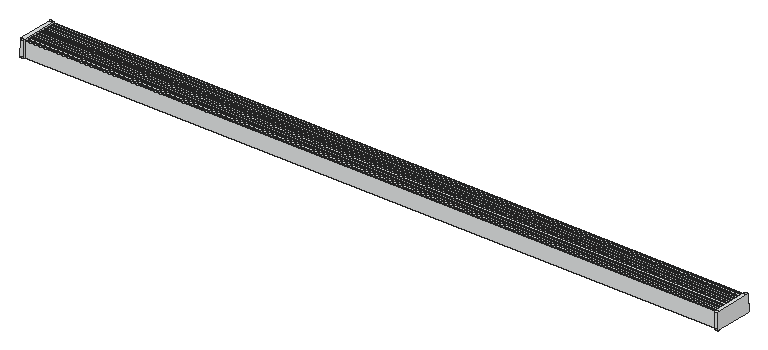
Revit family "Shower-Drain_Cover-KOHLER-Linear-K-80654_1", category Specialty Equipment, host Face, Revit 2017 (continued)
Definition of nested family "K-80654"
  Lines and regions (in)
    symbolic lines, detail levels medium+fine
      curve 1290: line (-3.01989, 0.53, 0) -> (-2.36491, 0.53, 0)
      curve 1291: line (-2.36491, 0.43, 0) -> (-2.36491, 0.29, 0)
      curve 1292: line (-3.01989, 0.53, 0) -> (-3.01989, 0.67, 0)
      curve 1293: line (-3.01989, 0.29, 0) -> (-3.01989, 0.43, 0)
      curve 1294: line (-2.36491, 0.19, 0) -> (-2.36491, 0.05, 0)
      curve 1295: line (-3.01989, 0.29, 0) -> (-2.36491, 0.29, 0)
      curve 1296: line (-3.01989, 0.43, 0) -> (-2.36491, 0.43, 0)
      curve 1297: line (-3.01989, 0.19, 0) -> (-2.36491, 0.19, 0)
      curve 1298: line (-3.01989, 0.05, 0) -> (-2.36491, 0.05, 0)
      curve 1299: line (-3.01989, -0.05, 0) -> (-3.01989, -0.19, 0)
      curve 1300: line (-2.46403, -1.15, 0) -> (-2.92162, -1.15, 0)
      curve 1301: line (-2.36491, -1.05088, 0) -> (-2.36491, -1.01, 0)
      curve 1302: arc (-2.36491, -1.05088, 0) -> (-2.39394, -1.12097, 0) -> (-2.46403, -1.15, 0) r 0.09912
      curve 1303: line (-2.36491, -0.91, 0) -> (-3.01989, -0.91, 0)
      curve 1304: line (-3.01989, -1.01, 0) -> (-2.36491, -1.01, 0)
      curve 1305: line (-2.36491, -0.91, 0) -> (-2.36491, -0.77, 0)
      curve 1306: line (-2.36491, -0.67, 0) -> (-2.36491, -0.53, 0)
      curve 1307: line (-3.01989, -0.77, 0) -> (-2.36491, -0.77, 0)
      curve 1308: line (-3.01989, -0.77, 0) -> (-3.01989, -0.91, 0)
      curve 1309: line (-3.01989, -0.67, 0) -> (-2.36491, -0.67, 0)
      curve 1310: line (-3.01989, -0.53, 0) -> (-2.36491, -0.53, 0)
      curve 1311: line (-2.36491, -0.43, 0) -> (-2.36491, -0.29, 0)
      curve 1312: line (-3.01989, -0.53, 0) -> (-3.01989, -0.67, 0)
      curve 1313: line (-3.01989, -0.29, 0) -> (-3.01989, -0.43, 0)
      curve 1314: line (-2.36491, -0.19, 0) -> (-2.36491, -0.05, 0)
      curve 1315: line (-3.01989, -0.29, 0) -> (-2.36491, -0.29, 0)
      curve 1316: line (-3.01989, -0.43, 0) -> (-2.36491, -0.43, 0)
      curve 1317: line (-3.01989, -0.19, 0) -> (-2.36491, -0.19, 0)
      curve 1318: line (-3.01989, -0.05, 0) -> (-2.36491, -0.05, 0)
      curve 1319: line (-3.01989, -1.01, 0) -> (-3.01989, -1.05173, 0)
      curve 1320: arc (-3.01989, -1.05173, 0) -> (-2.99111, -1.12122, 0) -> (-2.92162, -1.15, 0) r 0.09827
      curve 1321: line (-3.01989, 1.01, 0) -> (-3.01989, 1.05324, 0)
      curve 1322: arc (-3.01989, 1.05324, 0) -> (-2.99155, 1.12166, 0) -> (-2.92313, 1.15, 0) r 0.09676
      curve 1323: line (-2.25124, 0.05, 0) -> (-2.25124, 0.19, 0)
      curve 1324: line (-1.69537, 1.15, 0) -> (-2.15448, 1.15, 0)
      curve 1325: line (-1.59625, 1.05088, 0) -> (-1.59625, 1.01, 0)
      curve 1326: arc (-1.59625, 1.05088, 0) -> (-1.62528, 1.12097, 0) -> (-1.69537, 1.15, 0) r 0.09912
      curve 1327: line (-1.59625, 0.91, 0) -> (-2.25124, 0.91, 0)
      curve 1328: line (-2.25124, 1.01, 0) -> (-1.59625, 1.01, 0)
      curve 1329: line (-1.59625, 0.91, 0) -> (-1.59625, 0.77, 0)
      curve 1330: line (-1.59625, 0.67, 0) -> (-1.59625, 0.53, 0)
      curve 1331: line (-2.25124, 0.77, 0) -> (-1.59625, 0.77, 0)
      curve 1332: line (-2.25124, 0.77, 0) -> (-2.25124, 0.91, 0)
      curve 1333: line (-2.25124, 0.67, 0) -> (-1.59625, 0.67, 0)
      curve 1334: line (-2.25124, 0.53, 0) -> (-1.59625, 0.53, 0)
      curve 1335: line (-1.59625, 0.43, 0) -> (-1.59625, 0.29, 0)
      curve 1336: line (-2.25124, 0.53, 0) -> (-2.25124, 0.67, 0)
      curve 1337: line (-2.25124, 0.29, 0) -> (-2.25124, 0.43, 0)
      curve 1338: line (-1.59625, 0.19, 0) -> (-1.59625, 0.05, 0)
      curve 1339: line (-2.25124, 0.29, 0) -> (-1.59625, 0.29, 0)
      curve 1340: line (-2.25124, 0.43, 0) -> (-1.59625, 0.43, 0)
      curve 1341: line (-2.25124, 0.19, 0) -> (-1.59625, 0.19, 0)
      curve 1342: line (-2.25124, 0.05, 0) -> (-1.59625, 0.05, 0)
      curve 1343: line (-2.25124, -0.05, 0) -> (-2.25124, -0.19, 0)
      curve 1344: line (-1.69537, -1.15, 0) -> (-2.15297, -1.15, 0)
      curve 1345: line (-1.59625, -1.05088, 0) -> (-1.59625, -1.01, 0)
      curve 1346: arc (-1.59625, -1.05088, 0) -> (-1.62528, -1.12097, 0) -> (-1.69537, -1.15, 0) r 0.09912
      curve 1347: line (-1.59625, -0.91, 0) -> (-2.25124, -0.91, 0)
      curve 1348: line (-2.25124, -1.01, 0) -> (-1.59625, -1.01, 0)
      curve 1349: line (-1.59625, -0.91, 0) -> (-1.59625, -0.77, 0)
      curve 1350: line (-1.59625, -0.67, 0) -> (-1.59625, -0.53, 0)
      curve 1351: line (-2.25124, -0.77, 0) -> (-1.59625, -0.77, 0)
      curve 1352: line (-2.25124, -0.77, 0) -> (-2.25124, -0.91, 0)
      curve 1353: line (-2.25124, -0.67, 0) -> (-1.59625, -0.67, 0)
      curve 1354: line (-2.25124, -0.53, 0) -> (-1.59625, -0.53, 0)
      curve 1355: line (-1.59625, -0.43, 0) -> (-1.59625, -0.29, 0)
      curve 1356: line (-2.25124, -0.53, 0) -> (-2.25124, -0.67, 0)
      curve 1357: line (-2.25124, -0.29, 0) -> (-2.25124, -0.43, 0)
      curve 1358: line (-1.59625, -0.19, 0) -> (-1.59625, -0.05, 0)
      curve 1359: line (-2.25124, -0.29, 0) -> (-1.59625, -0.29, 0)
      curve 1360: line (-2.25124, -0.43, 0) -> (-1.59625, -0.43, 0)
      curve 1361: line (-2.25124, -0.19, 0) -> (-1.59625, -0.19, 0)
      curve 1362: line (-2.25124, -0.05, 0) -> (-1.59625, -0.05, 0)
      curve 1363: line (-2.25124, -1.01, 0) -> (-2.25124, -1.05173, 0)
      curve 1364: arc (-2.25124, -1.05173, 0) -> (-2.22246, -1.12122, 0) -> (-2.15297, -1.15, 0) r 0.09827
      curve 1365: line (-2.25124, 1.01, 0) -> (-2.25124, 1.05324, 0)
      curve 1366: arc (-2.25124, 1.05324, 0) -> (-2.2229, 1.12166, 0) -> (-2.15448, 1.15, 0) r 0.09676
      curve 1367: line (-1.48239, 0.05, 0) -> (-1.48239, 0.19, 0)
      curve 1368: line (-0.92652, 1.15, 0) -> (-1.38563, 1.15, 0)
      curve 1369: line (-0.8274, 1.05088, 0) -> (-0.8274, 1.01, 0)
      curve 1370: arc (-0.8274, 1.05088, 0) -> (-0.85644, 1.12097, 0) -> (-0.92652, 1.15, 0) r 0.09912
      curve 1371: line (-0.8274, 0.91, 0) -> (-1.48239, 0.91, 0)
      curve 1372: line (-1.48239, 1.01, 0) -> (-0.8274, 1.01, 0)
      curve 1373: line (-0.8274, 0.91, 0) -> (-0.8274, 0.77, 0)
      curve 1374: line (-0.8274, 0.67, 0) -> (-0.8274, 0.53, 0)
      curve 1375: line (-1.48239, 0.77, 0) -> (-0.8274, 0.77, 0)
      curve 1376: line (-1.48239, 0.77, 0) -> (-1.48239, 0.91, 0)
      curve 1377: line (-1.48239, 0.67, 0) -> (-0.8274, 0.67, 0)
      curve 1378: line (-1.48239, 0.53, 0) -> (-0.8274, 0.53, 0)
      curve 1379: line (-0.8274, 0.43, 0) -> (-0.8274, 0.29, 0)
      curve 1380: line (-1.48239, 0.53, 0) -> (-1.48239, 0.67, 0)
      curve 1381: line (-1.48239, 0.29, 0) -> (-1.48239, 0.43, 0)
      curve 1382: line (-0.8274, 0.19, 0) -> (-0.8274, 0.05, 0)
      curve 1383: line (-1.48239, 0.29, 0) -> (-0.8274, 0.29, 0)
      curve 1384: line (-1.48239, 0.43, 0) -> (-0.8274, 0.43, 0)
      curve 1385: line (-1.48239, 0.19, 0) -> (-0.8274, 0.19, 0)
      curve 1386: line (-1.48239, 0.05, 0) -> (-0.8274, 0.05, 0)
      curve 1387: line (-1.48239, -0.05, 0) -> (-1.48239, -0.19, 0)
      curve 1388: line (-0.92652, -1.15, 0) -> (-1.38412, -1.15, 0)
      curve 1389: line (-0.8274, -1.05088, 0) -> (-0.8274, -1.01, 0)
      curve 1390: arc (-0.8274, -1.05088, 0) -> (-0.85644, -1.12097, 0) -> (-0.92652, -1.15, 0) r 0.09912
      curve 1391: line (-0.8274, -0.91, 0) -> (-1.48239, -0.91, 0)
      curve 1392: line (-1.48239, -1.01, 0) -> (-0.8274, -1.01, 0)
      curve 1393: line (-0.8274, -0.91, 0) -> (-0.8274, -0.77, 0)
      curve 1394: line (-0.8274, -0.67, 0) -> (-0.8274, -0.53, 0)
      curve 1395: line (-1.48239, -0.77, 0) -> (-0.8274, -0.77, 0)
      curve 1396: line (-1.48239, -0.77, 0) -> (-1.48239, -0.91, 0)
      curve 1397: line (-1.48239, -0.67, 0) -> (-0.8274, -0.67, 0)
      curve 1398: line (-1.48239, -0.53, 0) -> (-0.8274, -0.53, 0)
      curve 1399: line (-0.8274, -0.43, 0) -> (-0.8274, -0.29, 0)
      curve 1400: line (-1.48239, -0.53, 0) -> (-1.48239, -0.67, 0)
      curve 1401: line (-1.48239, -0.29, 0) -> (-1.48239, -0.43, 0)
      curve 1402: line (-0.8274, -0.19, 0) -> (-0.8274, -0.05, 0)
      curve 1403: line (-1.48239, -0.29, 0) -> (-0.8274, -0.29, 0)
      curve 1404: line (-1.48239, -0.43, 0) -> (-0.8274, -0.43, 0)
      curve 1405: line (-1.48239, -0.19, 0) -> (-0.8274, -0.19, 0)
      curve 1406: line (-1.48239, -0.05, 0) -> (-0.8274, -0.05, 0)
      curve 1407: line (-1.48239, -1.01, 0) -> (-1.48239, -1.05173, 0)
      curve 1408: arc (-1.48239, -1.05173, 0) -> (-1.45361, -1.12122, 0) -> (-1.38412, -1.15, 0) r 0.09827
      curve 1409: line (-1.48239, 1.01, 0) -> (-1.48239, 1.05324, 0)
      curve 1410: arc (-1.48239, 1.05324, 0) -> (-1.45405, 1.12166, 0) -> (-1.38563, 1.15, 0) r 0.09676
      curve 1411: line (-0.05461, 0.05, 0) -> (-0.05461, 0.19, 0)
      curve 1412: arc (-0.05461, 0.83109, 0) -> (-0.06635, 0.87565, 0) -> (-0.09706, 0.91, 0) r 0.09854
      curve 1413: arc (-0.16197, 1.01, 0) -> (-0.1649, 1.02893, 0) -> (-0.16565, 1.04807, 0) r 0.16707
      curve 1414: line (-0.61829, 1.15, 0) -> (-0.26572, 1.15, 0)
      curve 1415: arc (-0.71741, 1.05088, 0) -> (-0.68838, 1.12097, 0) -> (-0.61829, 1.15, 0) r 0.09912
      curve 1416: arc (-0.26572, 1.15, 0) -> (-0.1943, 1.12003, 0) -> (-0.16565, 1.04807, 0) r 0.10009
      curve 1417: arc (0.08874, 1.01, 0) -> (0.00139, 1.13911, 0) -> (-0.08597, 1.01, 0) r 0.09411
      curve 1418: line (-0.7188, 0.05, 0) -> (-0.7188, 0.19, 0)
      curve 1419: line (-0.7188, 1.01, 0) -> (-0.16197, 1.01, 0)
      curve 1420: line (-0.08597, 1.01, 0) -> (0.08874, 1.01, 0)
      curve 1421: line (-0.7188, 1.01, 0) -> (-0.7188, 1.05088, 0)
      curve 1422: line (-0.7188, 0.77, 0) -> (-0.05461, 0.77, 0)
      curve 1423: line (-0.09706, 0.91, 0) -> (-0.7188, 0.91, 0)
      curve 1424: line (-0.05461, 0.77, 0) -> (-0.05461, 0.83109, 0)
      curve 1425: line (-0.7188, 0.77, 0) -> (-0.7188, 0.91, 0)
      curve 1426: line (-0.7188, 0.67, 0) -> (-0.05461, 0.67, 0)
      curve 1427: line (-0.7188, 0.53, 0) -> (-0.05461, 0.53, 0)
      curve 1428: line (-0.7188, 0.53, 0) -> (-0.7188, 0.67, 0)
      curve 1429: line (-0.05461, 0.53, 0) -> (-0.05461, 0.67, 0)
      curve 1430: line (-0.7188, 0.43, 0) -> (-0.05461, 0.43, 0)
      curve 1431: line (-0.7188, 0.29, 0) -> (-0.05461, 0.29, 0)
      curve 1432: line (-0.7188, 0.29, 0) -> (-0.7188, 0.43, 0)
      curve 1433: line (-0.05461, 0.29, 0) -> (-0.05461, 0.43, 0)
      curve 1434: line (-0.7188, 0.19, 0) -> (-0.05461, 0.19, 0)
      curve 1435: line (-0.7188, 0.05, 0) -> (-0.05461, 0.05, 0)
      curve 1436: line (-0.05461, -0.05, 0) -> (-0.05461, -0.19, 0)
      curve 1437: arc (-0.05461, -0.83109, 0) -> (-0.06635, -0.87565, 0) -> (-0.09706, -0.91, 0) r 0.09854
      curve 1438: arc (-0.16197, -1.01, 0) -> (-0.1649, -1.02893, 0) -> (-0.16565, -1.04807, 0) r 0.16707
      curve 1439: line (-0.61829, -1.15, 0) -> (-0.26572, -1.15, 0)
      curve 1440: arc (-0.71741, -1.05088, 0) -> (-0.68838, -1.12097, 0) -> (-0.61829, -1.15, 0) r 0.09912
      curve 1441: arc (-0.26572, -1.15, 0) -> (-0.1943, -1.12003, 0) -> (-0.16565, -1.04807, 0) r 0.10009
      curve 1442: arc (0.08874, -1.01, 0) -> (0.00139, -1.13911, 0) -> (-0.08597, -1.01, 0) r 0.09411
      curve 1443: line (-0.7188, -0.05, 0) -> (-0.7188, -0.19, 0)
      curve 1444: line (-0.7188, -1.01, 0) -> (-0.16197, -1.01, 0)
      curve 1445: line (-0.08597, -1.01, 0) -> (0.08874, -1.01, 0)
      curve 1446: line (-0.7188, -1.01, 0) -> (-0.7188, -1.05088, 0)
      curve 1447: line (-0.7188, -0.77, 0) -> (-0.05461, -0.77, 0)
      curve 1448: line (-0.09706, -0.91, 0) -> (-0.7188, -0.91, 0)
      curve 1449: line (-0.05461, -0.77, 0) -> (-0.05461, -0.83109, 0)
      curve 1450: line (-0.7188, -0.77, 0) -> (-0.7188, -0.91, 0)
      curve 1451: line (-0.7188, -0.67, 0) -> (-0.05461, -0.67, 0)
      curve 1452: line (-0.7188, -0.53, 0) -> (-0.05461, -0.53, 0)
      curve 1453: line (-0.7188, -0.53, 0) -> (-0.7188, -0.67, 0)
      curve 1454: line (-0.05461, -0.53, 0) -> (-0.05461, -0.67, 0)
      curve 1455: line (-0.7188, -0.43, 0) -> (-0.05461, -0.43, 0)
      curve 1456: line (-0.7188, -0.29, 0) -> (-0.05461, -0.29, 0)
      curve 1457: line (-0.7188, -0.29, 0) -> (-0.7188, -0.43, 0)
      curve 1458: line (-0.05461, -0.29, 0) -> (-0.05461, -0.43, 0)
      curve 1459: line (-0.7188, -0.19, 0) -> (-0.05461, -0.19, 0)
      curve 1460: line (-0.7188, -0.05, 0) -> (-0.05461, -0.05, 0)
      curve 1461: line (23.1222, 0.05, 0) -> (23.1222, 0.19, 0)
      curve 1462: arc (23.1222, 0.83109, 0) -> (23.13394, 0.87565, 0) -> (23.16465, 0.91, 0) r 0.09854
      curve 1463: arc (23.22956, 1.01, 0) -> (23.23249, 1.02893, 0) -> (23.23324, 1.04807, 0) r 0.16707
      curve 1464: line (23.68588, 1.15, 0) -> (23.33331, 1.15, 0)
      curve 1465: arc (23.75, 1.12647, 0) -> (23.72003, 1.14393, 0) -> (23.68588, 1.15, 0) r 0.09912
      curve 1466: arc (23.33331, 1.15, 0) -> (23.26189, 1.12003, 0) -> (23.23324, 1.04807, 0) r 0.10009
      curve 1467: arc (22.97885, 1.01, 0) -> (23.0662, 1.13911, 0) -> (23.15355, 1.01, 0) r 0.09411
      curve 1468: line (23.0102, 0.05, 0) -> (23.0102, 0.19, 0)
      curve 1469: arc (23.0102, 0.83109, 0) -> (22.99846, 0.87565, 0) -> (22.96775, 0.91, 0) r 0.09854
      curve 1470: arc (22.90284, 1.01, 0) -> (22.89991, 1.02893, 0) -> (22.89916, 1.04807, 0) r 0.16707
      curve 1471: line (22.44652, 1.15, 0) -> (22.79909, 1.15, 0)
      curve 1472: line (22.3474, 1.05088, 0) -> (22.3474, 1.01, 0)
      curve 1473: arc (22.3474, 1.05088, 0) -> (22.37643, 1.12097, 0) -> (22.44652, 1.15, 0) r 0.09912
      curve 1474: arc (22.79909, 1.15, 0) -> (22.87051, 1.12003, 0) -> (22.89916, 1.04807, 0) r 0.10009
      curve 1475: line (22.3474, 0.91, 0) -> (22.96775, 0.91, 0)
      curve 1476: line (23.75, 0.05, 0) -> (23.75, 0.19, 0)
      curve 1477: line (23.75, 1.01, 0) -> (23.22956, 1.01, 0)
      curve 1478: line (22.90284, 1.01, 0) -> (22.3474, 1.01, 0)
      curve 1479: line (23.15355, 1.01, 0) -> (22.97885, 1.01, 0)
      curve 1480: line (23.75, 1.01, 0) -> (23.75, 1.12647, 0)
      curve 1481: line (22.3474, 0.91, 0) -> (22.3474, 0.77, 0)
      curve 1482: line (23.75, 0.77, 0) -> (23.1222, 0.77, 0)
      curve 1483: line (23.16465, 0.91, 0) -> (23.75, 0.91, 0)
      curve 1484: line (22.3474, 0.67, 0) -> (22.3474, 0.53, 0)
      curve 1485: line (23.0102, 0.77, 0) -> (22.3474, 0.77, 0)
      curve 1486: line (23.1222, 0.77, 0) -> (23.1222, 0.83109, 0)
      curve 1487: line (23.0102, 0.77, 0) -> (23.0102, 0.83109, 0)
      curve 1488: line (23.75, 0.77, 0) -> (23.75, 0.91, 0)
      curve 1489: line (23.75, 0.67, 0) -> (23.1222, 0.67, 0)
      curve 1490: line (23.75, 0.53, 0) -> (23.1222, 0.53, 0)
      curve 1491: line (23.0102, 0.67, 0) -> (22.3474, 0.67, 0)
      curve 1492: line (23.0102, 0.53, 0) -> (22.3474, 0.53, 0)
      curve 1493: line (23.75, 0.53, 0) -> (23.75, 0.67, 0)
      curve 1494: line (22.3474, 0.43, 0) -> (22.3474, 0.29, 0)
      curve 1495: line (23.0102, 0.53, 0) -> (23.0102, 0.67, 0)
      curve 1496: line (23.1222, 0.53, 0) -> (23.1222, 0.67, 0)
      curve 1497: line (23.75, 0.43, 0) -> (23.1222, 0.43, 0)
      curve 1498: line (23.75, 0.29, 0) -> (23.1222, 0.29, 0)
      curve 1499: line (23.75, 0.29, 0) -> (23.75, 0.43, 0)
      curve 1500: line (23.1222, 0.29, 0) -> (23.1222, 0.43, 0)
      curve 1501: line (23.0102, 0.29, 0) -> (23.0102, 0.43, 0)
      curve 1502: line (22.3474, 0.19, 0) -> (22.3474, 0.05, 0)
      curve 1503: line (23.0102, 0.29, 0) -> (22.3474, 0.29, 0)
      curve 1504: line (23.0102, 0.43, 0) -> (22.3474, 0.43, 0)
      curve 1505: line (23.75, 0.19, 0) -> (23.1222, 0.19, 0)
      curve 1506: line (23.75, 0.05, 0) -> (23.1222, 0.05, 0)
      curve 1507: line (23.0102, 0.19, 0) -> (22.3474, 0.19, 0)
      curve 1508: line (23.0102, 0.05, 0) -> (22.3474, 0.05, 0)
      curve 1509: line (23.1222, -0.05, 0) -> (23.1222, -0.19, 0)
      curve 1510: arc (23.1222, -0.83109, 0) -> (23.13394, -0.87565, 0) -> (23.16465, -0.91, 0) r 0.09854
      curve 1511: arc (23.22956, -1.01, 0) -> (23.23249, -1.02893, 0) -> (23.23324, -1.04807, 0) r 0.16707
      curve 1512: line (23.68588, -1.15, 0) -> (23.33331, -1.15, 0)
      curve 1513: arc (23.75, -1.12647, 0) -> (23.72003, -1.14393, 0) -> (23.68588, -1.15, 0) r 0.09912
      curve 1514: arc (23.33331, -1.15, 0) -> (23.26189, -1.12003, 0) -> (23.23324, -1.04807, 0) r 0.10009
      curve 1515: arc (22.97885, -1.01, 0) -> (23.0662, -1.13911, 0) -> (23.15355, -1.01, 0) r 0.09411
      curve 1516: line (23.0102, -0.05, 0) -> (23.0102, -0.19, 0)
      curve 1517: arc (23.0102, -0.83109, 0) -> (22.99846, -0.87565, 0) -> (22.96775, -0.91, 0) r 0.09854
      curve 1518: arc (22.90284, -1.01, 0) -> (22.89991, -1.02893, 0) -> (22.89916, -1.04807, 0) r 0.16707
      curve 1519: line (22.44652, -1.15, 0) -> (22.79909, -1.15, 0)
      curve 1520: line (22.3474, -1.05088, 0) -> (22.3474, -1.01, 0)
      curve 1521: arc (22.3474, -1.05088, 0) -> (22.37643, -1.12097, 0) -> (22.44652, -1.15, 0) r 0.09912
      curve 1522: arc (22.79909, -1.15, 0) -> (22.87051, -1.12003, 0) -> (22.89916, -1.04807, 0) r 0.10009
      curve 1523: line (22.3474, -0.91, 0) -> (22.96775, -0.91, 0)
      curve 1524: line (23.75, -0.05, 0) -> (23.75, -0.19, 0)
      curve 1525: line (23.75, -1.01, 0) -> (23.22956, -1.01, 0)
      curve 1526: line (22.90284, -1.01, 0) -> (22.3474, -1.01, 0)
      curve 1527: line (23.15355, -1.01, 0) -> (22.97885, -1.01, 0)
      curve 1528: line (23.75, -1.01, 0) -> (23.75, -1.12647, 0)
      curve 1529: line (22.3474, -0.91, 0) -> (22.3474, -0.77, 0)
      curve 1530: line (23.75, -0.77, 0) -> (23.1222, -0.77, 0)
      curve 1531: line (23.16465, -0.91, 0) -> (23.75, -0.91, 0)
      curve 1532: line (22.3474, -0.67, 0) -> (22.3474, -0.53, 0)
      curve 1533: line (23.0102, -0.77, 0) -> (22.3474, -0.77, 0)
      curve 1534: line (23.1222, -0.77, 0) -> (23.1222, -0.83109, 0)
      curve 1535: line (23.0102, -0.77, 0) -> (23.0102, -0.83109, 0)
      curve 1536: line (23.75, -0.77, 0) -> (23.75, -0.91, 0)
      curve 1537: line (23.75, -0.67, 0) -> (23.1222, -0.67, 0)
      curve 1538: line (23.75, -0.53, 0) -> (23.1222, -0.53, 0)
      curve 1539: line (23.0102, -0.67, 0) -> (22.3474, -0.67, 0)
      curve 1540: line (23.0102, -0.53, 0) -> (22.3474, -0.53, 0)
      curve 1541: line (23.75, -0.53, 0) -> (23.75, -0.67, 0)
      curve 1542: line (22.3474, -0.43, 0) -> (22.3474, -0.29, 0)
      curve 1543: line (23.0102, -0.53, 0) -> (23.0102, -0.67, 0)
      curve 1544: line (23.1222, -0.53, 0) -> (23.1222, -0.67, 0)
      curve 1545: line (23.75, -0.43, 0) -> (23.1222, -0.43, 0)
      curve 1546: line (23.75, -0.29, 0) -> (23.1222, -0.29, 0)
      curve 1547: line (23.75, -0.29, 0) -> (23.75, -0.43, 0)
      curve 1548: line (23.1222, -0.29, 0) -> (23.1222, -0.43, 0)
      curve 1549: line (23.0102, -0.29, 0) -> (23.0102, -0.43, 0)
      curve 1550: line (22.3474, -0.19, 0) -> (22.3474, -0.05, 0)
      curve 1551: line (23.0102, -0.29, 0) -> (22.3474, -0.29, 0)
      curve 1552: line (23.0102, -0.43, 0) -> (22.3474, -0.43, 0)
      curve 1553: line (23.75, -0.19, 0) -> (23.1222, -0.19, 0)
      curve 1554: line (23.75, -0.05, 0) -> (23.1222, -0.05, 0)
      curve 1555: line (23.0102, -0.19, 0) -> (22.3474, -0.19, 0)
      curve 1556: line (23.0102, -0.05, 0) -> (22.3474, -0.05, 0)
      curve 1557: line (21.56941, 0.05, 0) -> (21.56941, 0.19, 0)
      curve 1558: arc (21.56941, 0.83109, 0) -> (21.58115, 0.87565, 0) -> (21.61186, 0.91, 0) r 0.09854
      curve 1559: arc (21.67677, 1.01, 0) -> (21.6797, 1.02893, 0) -> (21.68045, 1.04807, 0) r 0.16707
      curve 1560: line (22.13309, 1.15, 0) -> (21.78052, 1.15, 0)
      curve 1561: arc (22.23221, 1.05088, 0) -> (22.20318, 1.12097, 0) -> (22.13309, 1.15, 0) r 0.09912
      curve 1562: arc (21.78052, 1.15, 0) -> (21.7091, 1.12003, 0) -> (21.68045, 1.04807, 0) r 0.10009
      curve 1563: arc (21.42606, 1.01, 0) -> (21.51341, 1.13911, 0) -> (21.60077, 1.01, 0) r 0.09411
      curve 1564: line (21.45741, 0.05, 0) -> (21.45741, 0.19, 0)
      curve 1565: arc (21.45741, 0.83109, 0) -> (21.44568, 0.87565, 0) -> (21.41496, 0.91, 0) r 0.09854
      curve 1566: arc (21.35006, 1.01, 0) -> (21.34712, 1.02893, 0) -> (21.34638, 1.04807, 0) r 0.16707
      curve 1567: line (20.92498, 1.15, 0) -> (21.2463, 1.15, 0)
      curve 1568: line (20.82586, 1.05088, 0) -> (20.82586, 1.01, 0)
      curve 1569: arc (20.82586, 1.05088, 0) -> (20.85489, 1.12097, 0) -> (20.92498, 1.15, 0) r 0.09912
      curve 1570: arc (21.2463, 1.15, 0) -> (21.31773, 1.12003, 0) -> (21.34638, 1.04807, 0) r 0.10009
      curve 1571: line (20.82586, 0.91, 0) -> (21.41496, 0.91, 0)
      curve 1572: line (22.2336, 0.05, 0) -> (22.2336, 0.19, 0)
      curve 1573: line (22.2336, 1.01, 0) -> (21.67677, 1.01, 0)
      curve 1574: line (21.35006, 1.01, 0) -> (20.82586, 1.01, 0)
      curve 1575: line (21.60077, 1.01, 0) -> (21.42606, 1.01, 0)
      curve 1576: line (22.2336, 1.01, 0) -> (22.2336, 1.05088, 0)
      curve 1577: line (20.82586, 0.91, 0) -> (20.82586, 0.77, 0)
      curve 1578: line (22.2336, 0.77, 0) -> (21.56941, 0.77, 0)
      curve 1579: line (21.61186, 0.91, 0) -> (22.2336, 0.91, 0)
      curve 1580: line (20.82586, 0.67, 0) -> (20.82586, 0.53, 0)
      curve 1581: line (21.45741, 0.77, 0) -> (20.82586, 0.77, 0)
      curve 1582: line (21.56941, 0.77, 0) -> (21.56941, 0.83109, 0)
      curve 1583: line (21.45741, 0.77, 0) -> (21.45741, 0.83109, 0)
      curve 1584: line (22.2336, 0.77, 0) -> (22.2336, 0.91, 0)
      curve 1585: line (22.2336, 0.67, 0) -> (21.56941, 0.67, 0)
      curve 1586: line (22.2336, 0.53, 0) -> (21.56941, 0.53, 0)
      curve 1587: line (21.45741, 0.67, 0) -> (20.82586, 0.67, 0)
      curve 1588: line (21.45741, 0.53, 0) -> (20.82586, 0.53, 0)
      curve 1589: line (22.2336, 0.53, 0) -> (22.2336, 0.67, 0)
      curve 1590: line (20.82586, 0.43, 0) -> (20.82586, 0.29, 0)
      curve 1591: line (21.45741, 0.53, 0) -> (21.45741, 0.67, 0)
      curve 1592: line (21.56941, 0.53, 0) -> (21.56941, 0.67, 0)
      curve 1593: line (22.2336, 0.43, 0) -> (21.56941, 0.43, 0)
      curve 1594: line (22.2336, 0.29, 0) -> (21.56941, 0.29, 0)
      curve 1595: line (22.2336, 0.29, 0) -> (22.2336, 0.43, 0)
      curve 1596: line (21.56941, 0.29, 0) -> (21.56941, 0.43, 0)
      curve 1597: line (21.45741, 0.29, 0) -> (21.45741, 0.43, 0)
      curve 1598: line (20.82586, 0.19, 0) -> (20.82586, 0.05, 0)
      curve 1599: line (21.45741, 0.29, 0) -> (20.82586, 0.29, 0)
      curve 1600: line (21.45741, 0.43, 0) -> (20.82586, 0.43, 0)
      curve 1601: line (22.2336, 0.19, 0) -> (21.56941, 0.19, 0)
      curve 1602: line (22.2336, 0.05, 0) -> (21.56941, 0.05, 0)
      curve 1603: line (21.45741, 0.19, 0) -> (20.82586, 0.19, 0)
      curve 1604: line (21.45741, 0.05, 0) -> (20.82586, 0.05, 0)
      curve 1605: line (21.56941, -0.05, 0) -> (21.56941, -0.19, 0)
      curve 1606: arc (21.56941, -0.83109, 0) -> (21.58115, -0.87565, 0) -> (21.61186, -0.91, 0) r 0.09854
      curve 1607: arc (21.67677, -1.01, 0) -> (21.6797, -1.02893, 0) -> (21.68045, -1.04807, 0) r 0.16707
      curve 1608: line (22.13309, -1.15, 0) -> (21.78052, -1.15, 0)
      curve 1609: arc (22.23221, -1.05088, 0) -> (22.20318, -1.12097, 0) -> (22.13309, -1.15, 0) r 0.09912
      curve 1610: arc (21.78052, -1.15, 0) -> (21.7091, -1.12003, 0) -> (21.68045, -1.04807, 0) r 0.10009
      curve 1611: arc (21.42606, -1.01, 0) -> (21.51341, -1.13911, 0) -> (21.60077, -1.01, 0) r 0.09411
      curve 1612: line (21.45741, -0.05, 0) -> (21.45741, -0.19, 0)
      curve 1613: arc (21.45741, -0.83109, 0) -> (21.44568, -0.87565, 0) -> (21.41496, -0.91, 0) r 0.09854
      curve 1614: arc (21.35006, -1.01, 0) -> (21.34712, -1.02893, 0) -> (21.34638, -1.04807, 0) r 0.16707
      curve 1615: line (20.92498, -1.15, 0) -> (21.2463, -1.15, 0)
      curve 1616: line (20.82586, -1.05088, 0) -> (20.82586, -1.01, 0)
      curve 1617: arc (20.82586, -1.05088, 0) -> (20.85489, -1.12097, 0) -> (20.92498, -1.15, 0) r 0.09912
      curve 1618: arc (21.2463, -1.15, 0) -> (21.31773, -1.12003, 0) -> (21.34638, -1.04807, 0) r 0.10009
      curve 1619: line (20.82586, -0.91, 0) -> (21.41496, -0.91, 0)
      curve 1620: line (22.2336, -0.05, 0) -> (22.2336, -0.19, 0)
      curve 1621: line (22.2336, -1.01, 0) -> (21.67677, -1.01, 0)
      curve 1622: line (21.35006, -1.01, 0) -> (20.82586, -1.01, 0)
      curve 1623: line (21.60077, -1.01, 0) -> (21.42606, -1.01, 0)
      curve 1624: line (22.2336, -1.01, 0) -> (22.2336, -1.05088, 0)
      curve 1625: line (20.82586, -0.91, 0) -> (20.82586, -0.77, 0)
      curve 1626: line (22.2336, -0.77, 0) -> (21.56941, -0.77, 0)
      curve 1627: line (21.61186, -0.91, 0) -> (22.2336, -0.91, 0)
      curve 1628: line (20.82586, -0.67, 0) -> (20.82586, -0.53, 0)
      curve 1629: line (21.45741, -0.77, 0) -> (20.82586, -0.77, 0)
      curve 1630: line (21.56941, -0.77, 0) -> (21.56941, -0.83109, 0)
      curve 1631: line (21.45741, -0.77, 0) -> (21.45741, -0.83109, 0)
      curve 1632: line (22.2336, -0.77, 0) -> (22.2336, -0.91, 0)
      curve 1633: line (22.2336, -0.67, 0) -> (21.56941, -0.67, 0)
      curve 1634: line (22.2336, -0.53, 0) -> (21.56941, -0.53, 0)
      curve 1635: line (21.45741, -0.67, 0) -> (20.82586, -0.67, 0)
      curve 1636: line (21.45741, -0.53, 0) -> (20.82586, -0.53, 0)
      curve 1637: line (22.2336, -0.53, 0) -> (22.2336, -0.67, 0)
      curve 1638: line (20.82586, -0.43, 0) -> (20.82586, -0.29, 0)
      curve 1639: line (21.45741, -0.53, 0) -> (21.45741, -0.67, 0)
      curve 1640: line (21.56941, -0.53, 0) -> (21.56941, -0.67, 0)
      curve 1641: line (22.2336, -0.43, 0) -> (21.56941, -0.43, 0)
      curve 1642: line (22.2336, -0.29, 0) -> (21.56941, -0.29, 0)
      curve 1643: line (22.2336, -0.29, 0) -> (22.2336, -0.43, 0)
      curve 1644: line (21.56941, -0.29, 0) -> (21.56941, -0.43, 0)
      curve 1645: line (21.45741, -0.29, 0) -> (21.45741, -0.43, 0)
      curve 1646: line (20.82586, -0.19, 0) -> (20.82586, -0.05, 0)
      curve 1647: line (21.45741, -0.29, 0) -> (20.82586, -0.29, 0)
      curve 1648: line (21.45741, -0.43, 0) -> (20.82586, -0.43, 0)
      curve 1649: line (22.2336, -0.19, 0) -> (21.56941, -0.19, 0)
      curve 1650: line (22.2336, -0.05, 0) -> (21.56941, -0.05, 0)
      curve 1651: line (21.45741, -0.19, 0) -> (20.82586, -0.19, 0)
      curve 1652: line (21.45741, -0.05, 0) -> (20.82586, -0.05, 0)
      curve 1653: line (20.70741, 0.05, 0) -> (20.70741, 0.19, 0)
      curve 1654: line (20.15155, 1.15, 0) -> (20.61065, 1.15, 0)
      curve 1655: line (20.05243, 1.05088, 0) -> (20.05243, 1.01, 0)
      curve 1656: arc (20.05243, 1.05088, 0) -> (20.08146, 1.12097, 0) -> (20.15155, 1.15, 0) r 0.09912
      curve 1657: line (20.05243, 0.91, 0) -> (20.70741, 0.91, 0)
      curve 1658: line (20.70741, 1.01, 0) -> (20.05243, 1.01, 0)
      curve 1659: line (20.05243, 0.91, 0) -> (20.05243, 0.77, 0)
      curve 1660: line (20.05243, 0.67, 0) -> (20.05243, 0.53, 0)
      curve 1661: line (20.70741, 0.77, 0) -> (20.05243, 0.77, 0)
      curve 1662: line (20.70741, 0.77, 0) -> (20.70741, 0.91, 0)
      curve 1663: line (20.70741, 0.67, 0) -> (20.05243, 0.67, 0)
      curve 1664: line (20.70741, 0.53, 0) -> (20.05243, 0.53, 0)
      curve 1665: line (20.05243, 0.43, 0) -> (20.05243, 0.29, 0)
      curve 1666: line (20.70741, 0.53, 0) -> (20.70741, 0.67, 0)
      curve 1667: line (20.70741, 0.29, 0) -> (20.70741, 0.43, 0)
      curve 1668: line (20.05243, 0.19, 0) -> (20.05243, 0.05, 0)
      curve 1669: line (20.70741, 0.29, 0) -> (20.05243, 0.29, 0)
      curve 1670: line (20.70741, 0.43, 0) -> (20.05243, 0.43, 0)
      curve 1671: line (20.70741, 0.19, 0) -> (20.05243, 0.19, 0)
      curve 1672: line (20.70741, 0.05, 0) -> (20.05243, 0.05, 0)
      curve 1673: line (20.70741, -0.05, 0) -> (20.70741, -0.19, 0)
      curve 1674: line (20.15155, -1.15, 0) -> (20.60914, -1.15, 0)
      curve 1675: line (20.05243, -1.05088, 0) -> (20.05243, -1.01, 0)
      curve 1676: arc (20.05243, -1.05088, 0) -> (20.08146, -1.12097, 0) -> (20.15155, -1.15, 0) r 0.09912
      curve 1677: line (20.05243, -0.91, 0) -> (20.70741, -0.91, 0)
      curve 1678: line (20.70741, -1.01, 0) -> (20.05243, -1.01, 0)
      curve 1679: line (20.05243, -0.91, 0) -> (20.05243, -0.77, 0)
      curve 1680: line (20.05243, -0.67, 0) -> (20.05243, -0.53, 0)
      curve 1681: line (20.70741, -0.77, 0) -> (20.05243, -0.77, 0)
      curve 1682: line (20.70741, -0.77, 0) -> (20.70741, -0.91, 0)
      curve 1683: line (20.70741, -0.67, 0) -> (20.05243, -0.67, 0)
      curve 1684: line (20.70741, -0.53, 0) -> (20.05243, -0.53, 0)
      curve 1685: line (20.05243, -0.43, 0) -> (20.05243, -0.29, 0)
      curve 1686: line (20.70741, -0.53, 0) -> (20.70741, -0.67, 0)
      curve 1687: line (20.70741, -0.29, 0) -> (20.70741, -0.43, 0)
      curve 1688: line (20.05243, -0.19, 0) -> (20.05243, -0.05, 0)
      curve 1689: line (20.70741, -0.29, 0) -> (20.05243, -0.29, 0)
      curve 1690: line (20.70741, -0.43, 0) -> (20.05243, -0.43, 0)
      curve 1691: line (20.70741, -0.19, 0) -> (20.05243, -0.19, 0)
      curve 1692: line (20.70741, -0.05, 0) -> (20.05243, -0.05, 0)
      curve 1693: line (20.70741, -1.01, 0) -> (20.70741, -1.05173, 0)
      curve 1694: arc (20.70741, -1.05173, 0) -> (20.67863, -1.12122, 0) -> (20.60914, -1.15, 0) r 0.09827
      curve 1695: line (20.70741, 1.01, 0) -> (20.70741, 1.05324, 0)
      curve 1696: arc (20.70741, 1.05324, 0) -> (20.67907, 1.12166, 0) -> (20.61065, 1.15, 0) r 0.09676
      curve 1697: line (19.27438, 0.05, 0) -> (19.27438, 0.19, 0)
      curve 1698: arc (19.27438, 0.83109, 0) -> (19.28612, 0.87565, 0) -> (19.31683, 0.91, 0) r 0.09854
      curve 1699: arc (19.38174, 1.01, 0) -> (19.38467, 1.02893, 0) -> (19.38542, 1.04807, 0) r 0.16707
      curve 1700: line (19.83806, 1.15, 0) -> (19.48549, 1.15, 0)
      curve 1701: arc (19.93718, 1.05088, 0) -> (19.90815, 1.12097, 0) -> (19.83806, 1.15, 0) r 0.09912
      curve 1702: arc (19.48549, 1.15, 0) -> (19.41407, 1.12003, 0) -> (19.38542, 1.04807, 0) r 0.10009
      curve 1703: arc (19.13103, 1.01, 0) -> (19.21838, 1.13911, 0) -> (19.30574, 1.01, 0) r 0.09411
      curve 1704: line (19.16238, 0.05, 0) -> (19.16238, 0.19, 0)
      curve 1705: arc (19.16238, 0.83109, 0) -> (19.15065, 0.87565, 0) -> (19.11994, 0.91, 0) r 0.09854
      curve 1706: arc (19.05503, 1.01, 0) -> (19.05209, 1.02893, 0) -> (19.05135, 1.04807, 0) r 0.16707
      curve 1707: line (18.62995, 1.15, 0) -> (18.95127, 1.15, 0)
      curve 1708: line (18.53083, 1.05088, 0) -> (18.53083, 1.01, 0)
      curve 1709: arc (18.53083, 1.05088, 0) -> (18.55987, 1.12097, 0) -> (18.62995, 1.15, 0) r 0.09912
      curve 1710: arc (18.95127, 1.15, 0) -> (19.0227, 1.12003, 0) -> (19.05135, 1.04807, 0) r 0.10009
      curve 1711: line (18.53083, 0.91, 0) -> (19.11994, 0.91, 0)
      curve 1712: line (19.93857, 0.05, 0) -> (19.93857, 0.19, 0)
      curve 1713: line (19.93857, 1.01, 0) -> (19.38174, 1.01, 0)
      curve 1714: line (19.05503, 1.01, 0) -> (18.53083, 1.01, 0)
      curve 1715: line (19.30574, 1.01, 0) -> (19.13103, 1.01, 0)
      curve 1716: line (19.93857, 1.01, 0) -> (19.93857, 1.05088, 0)
      curve 1717: line (18.53083, 0.91, 0) -> (18.53083, 0.77, 0)
      curve 1718: line (19.93857, 0.77, 0) -> (19.27438, 0.77, 0)
      curve 1719: line (19.31683, 0.91, 0) -> (19.93857, 0.91, 0)
      curve 1720: line (18.53083, 0.67, 0) -> (18.53083, 0.53, 0)
      curve 1721: line (19.16238, 0.77, 0) -> (18.53083, 0.77, 0)
      curve 1722: line (19.27438, 0.77, 0) -> (19.27438, 0.83109, 0)
      curve 1723: line (19.16238, 0.77, 0) -> (19.16238, 0.83109, 0)
      curve 1724: line (19.93857, 0.77, 0) -> (19.93857, 0.91, 0)
      curve 1725: line (19.93857, 0.67, 0) -> (19.27438, 0.67, 0)
      curve 1726: line (19.93857, 0.53, 0) -> (19.27438, 0.53, 0)
      curve 1727: line (19.16238, 0.67, 0) -> (18.53083, 0.67, 0)
      curve 1728: line (19.16238, 0.53, 0) -> (18.53083, 0.53, 0)
      curve 1729: line (19.93857, 0.53, 0) -> (19.93857, 0.67, 0)
      curve 1730: line (18.53083, 0.43, 0) -> (18.53083, 0.29, 0)
      curve 1731: line (19.16238, 0.53, 0) -> (19.16238, 0.67, 0)
      curve 1732: line (19.27438, 0.53, 0) -> (19.27438, 0.67, 0)
      curve 1733: line (19.93857, 0.43, 0) -> (19.27438, 0.43, 0)
      curve 1734: line (19.93857, 0.29, 0) -> (19.27438, 0.29, 0)
      curve 1735: line (19.93857, 0.29, 0) -> (19.93857, 0.43, 0)
      curve 1736: line (19.27438, 0.29, 0) -> (19.27438, 0.43, 0)
      curve 1737: line (19.16238, 0.29, 0) -> (19.16238, 0.43, 0)
      curve 1738: line (18.53083, 0.19, 0) -> (18.53083, 0.05, 0)
      curve 1739: line (19.16238, 0.29, 0) -> (18.53083, 0.29, 0)
      curve 1740: line (19.16238, 0.43, 0) -> (18.53083, 0.43, 0)
      curve 1741: line (19.93857, 0.19, 0) -> (19.27438, 0.19, 0)
      curve 1742: line (19.93857, 0.05, 0) -> (19.27438, 0.05, 0)
      curve 1743: line (19.16238, 0.19, 0) -> (18.53083, 0.19, 0)
      curve 1744: line (19.16238, 0.05, 0) -> (18.53083, 0.05, 0)
      curve 1745: line (19.27438, -0.05, 0) -> (19.27438, -0.19, 0)
      curve 1746: arc (19.27438, -0.83109, 0) -> (19.28612, -0.87565, 0) -> (19.31683, -0.91, 0) r 0.09854
      curve 1747: arc (19.38174, -1.01, 0) -> (19.38467, -1.02893, 0) -> (19.38542, -1.04807, 0) r 0.16707
      curve 1748: line (19.83806, -1.15, 0) -> (19.48549, -1.15, 0)
      curve 1749: arc (19.93718, -1.05088, 0) -> (19.90815, -1.12097, 0) -> (19.83806, -1.15, 0) r 0.09912
      curve 1750: arc (19.48549, -1.15, 0) -> (19.41407, -1.12003, 0) -> (19.38542, -1.04807, 0) r 0.10009
      curve 1751: arc (19.13103, -1.01, 0) -> (19.21838, -1.13911, 0) -> (19.30574, -1.01, 0) r 0.09411
      curve 1752: line (19.16238, -0.05, 0) -> (19.16238, -0.19, 0)
      curve 1753: arc (19.16238, -0.83109, 0) -> (19.15065, -0.87565, 0) -> (19.11994, -0.91, 0) r 0.09854
      curve 1754: arc (19.05503, -1.01, 0) -> (19.05209, -1.02893, 0) -> (19.05135, -1.04807, 0) r 0.16707
      curve 1755: line (18.62995, -1.15, 0) -> (18.95127, -1.15, 0)
      curve 1756: line (18.53083, -1.05088, 0) -> (18.53083, -1.01, 0)
      curve 1757: arc (18.53083, -1.05088, 0) -> (18.55987, -1.12097, 0) -> (18.62995, -1.15, 0) r 0.09912
      curve 1758: arc (18.95127, -1.15, 0) -> (19.0227, -1.12003, 0) -> (19.05135, -1.04807, 0) r 0.10009
      curve 1759: line (18.53083, -0.91, 0) -> (19.11994, -0.91, 0)
      curve 1760: line (19.93857, -0.05, 0) -> (19.93857, -0.19, 0)
      curve 1761: line (19.93857, -1.01, 0) -> (19.38174, -1.01, 0)
      curve 1762: line (19.05503, -1.01, 0) -> (18.53083, -1.01, 0)
      curve 1763: line (19.30574, -1.01, 0) -> (19.13103, -1.01, 0)
      curve 1764: line (19.93857, -1.01, 0) -> (19.93857, -1.05088, 0)
      curve 1765: line (18.53083, -0.91, 0) -> (18.53083, -0.77, 0)
      curve 1766: line (19.93857, -0.77, 0) -> (19.27438, -0.77, 0)
      curve 1767: line (19.31683, -0.91, 0) -> (19.93857, -0.91, 0)
      curve 1768: line (18.53083, -0.67, 0) -> (18.53083, -0.53, 0)
      curve 1769: line (19.16238, -0.77, 0) -> (18.53083, -0.77, 0)
      curve 1770: line (19.27438, -0.77, 0) -> (19.27438, -0.83109, 0)
      curve 1771: line (19.16238, -0.77, 0) -> (19.16238, -0.83109, 0)
      curve 1772: line (19.93857, -0.77, 0) -> (19.93857, -0.91, 0)
      curve 1773: line (19.93857, -0.67, 0) -> (19.27438, -0.67, 0)
      curve 1774: line (19.93857, -0.53, 0) -> (19.27438, -0.53, 0)
      curve 1775: line (19.16238, -0.67, 0) -> (18.53083, -0.67, 0)
      curve 1776: line (19.16238, -0.53, 0) -> (18.53083, -0.53, 0)
      curve 1777: line (19.93857, -0.53, 0) -> (19.93857, -0.67, 0)
      curve 1778: line (18.53083, -0.43, 0) -> (18.53083, -0.29, 0)
      curve 1779: line (19.16238, -0.53, 0) -> (19.16238, -0.67, 0)
      curve 1780: line (19.27438, -0.53, 0) -> (19.27438, -0.67, 0)
      curve 1781: line (19.93857, -0.43, 0) -> (19.27438, -0.43, 0)
      curve 1782: line (19.93857, -0.29, 0) -> (19.27438, -0.29, 0)
      curve 1783: line (19.93857, -0.29, 0) -> (19.93857, -0.43, 0)
      curve 1784: line (19.27438, -0.29, 0) -> (19.27438, -0.43, 0)
      curve 1785: line (19.16238, -0.29, 0) -> (19.16238, -0.43, 0)
      curve 1786: line (18.53083, -0.19, 0) -> (18.53083, -0.05, 0)
      curve 1787: line (19.16238, -0.29, 0) -> (18.53083, -0.29, 0)
      curve 1788: line (19.16238, -0.43, 0) -> (18.53083, -0.43, 0)
      curve 1789: line (19.93857, -0.19, 0) -> (19.27438, -0.19, 0)
      curve 1790: line (19.93857, -0.05, 0) -> (19.27438, -0.05, 0)
      curve 1791: line (19.16238, -0.19, 0) -> (18.53083, -0.19, 0)
      curve 1792: line (19.16238, -0.05, 0) -> (18.53083, -0.05, 0)
      curve 1793: line (18.40067, 0.05, 0) -> (18.40067, 0.19, 0)
      curve 1794: line (17.8448, 1.15, 0) -> (18.3039, 1.15, 0)
      curve 1795: line (17.74568, 1.05088, 0) -> (17.74568, 1.01, 0)
      curve 1796: arc (17.74568, 1.05088, 0) -> (17.77471, 1.12097, 0) -> (17.8448, 1.15, 0) r 0.09912
      curve 1797: line (17.74568, 0.91, 0) -> (18.40067, 0.91, 0)
      curve 1798: line (18.40067, 1.01, 0) -> (17.74568, 1.01, 0)
      curve 1799: line (17.74568, 0.91, 0) -> (17.74568, 0.77, 0)
      curve 1800: line (17.74568, 0.67, 0) -> (17.74568, 0.53, 0)
      curve 1801: line (18.40067, 0.77, 0) -> (17.74568, 0.77, 0)
      curve 1802: line (18.40067, 0.77, 0) -> (18.40067, 0.91, 0)
      curve 1803: line (18.40067, 0.67, 0) -> (17.74568, 0.67, 0)
      curve 1804: line (18.40067, 0.53, 0) -> (17.74568, 0.53, 0)
      curve 1805: line (17.74568, 0.43, 0) -> (17.74568, 0.29, 0)
      curve 1806: line (18.40067, 0.53, 0) -> (18.40067, 0.67, 0)
      curve 1807: line (18.40067, 0.29, 0) -> (18.40067, 0.43, 0)
      curve 1808: line (17.74568, 0.19, 0) -> (17.74568, 0.05, 0)
      curve 1809: line (18.40067, 0.29, 0) -> (17.74568, 0.29, 0)
      curve 1810: line (18.40067, 0.43, 0) -> (17.74568, 0.43, 0)
      curve 1811: line (18.40067, 0.19, 0) -> (17.74568, 0.19, 0)
      curve 1812: line (18.40067, 0.05, 0) -> (17.74568, 0.05, 0)
      curve 1813: line (18.40067, -0.05, 0) -> (18.40067, -0.19, 0)
      curve 1814: line (17.8448, -1.15, 0) -> (18.30239, -1.15, 0)
      curve 1815: line (17.74568, -1.05088, 0) -> (17.74568, -1.01, 0)
      curve 1816: arc (17.74568, -1.05088, 0) -> (17.77471, -1.12097, 0) -> (17.8448, -1.15, 0) r 0.09912
      curve 1817: line (17.74568, -0.91, 0) -> (18.40067, -0.91, 0)
      curve 1818: line (18.40067, -1.01, 0) -> (17.74568, -1.01, 0)
      curve 1819: line (17.74568, -0.91, 0) -> (17.74568, -0.77, 0)
      curve 1820: line (17.74568, -0.67, 0) -> (17.74568, -0.53, 0)
      curve 1821: line (18.40067, -0.77, 0) -> (17.74568, -0.77, 0)
      curve 1822: line (18.40067, -0.77, 0) -> (18.40067, -0.91, 0)
      curve 1823: line (18.40067, -0.67, 0) -> (17.74568, -0.67, 0)
      curve 1824: line (18.40067, -0.53, 0) -> (17.74568, -0.53, 0)
      curve 1825: line (17.74568, -0.43, 0) -> (17.74568, -0.29, 0)
      curve 1826: line (18.40067, -0.53, 0) -> (18.40067, -0.67, 0)
      curve 1827: line (18.40067, -0.29, 0) -> (18.40067, -0.43, 0)
      curve 1828: line (17.74568, -0.19, 0) -> (17.74568, -0.05, 0)
      curve 1829: line (18.40067, -0.29, 0) -> (17.74568, -0.29, 0)
      curve 1830: line (18.40067, -0.43, 0) -> (17.74568, -0.43, 0)
      curve 1831: line (18.40067, -0.19, 0) -> (17.74568, -0.19, 0)
      curve 1832: line (18.40067, -0.05, 0) -> (17.74568, -0.05, 0)
      curve 1833: line (18.40067, -1.01, 0) -> (18.40067, -1.05173, 0)
      curve 1834: arc (18.40067, -1.05173, 0) -> (18.37188, -1.12122, 0) -> (18.30239, -1.15, 0) r 0.09827
      curve 1835: line (18.40067, 1.01, 0) -> (18.40067, 1.05324, 0)
      curve 1836: arc (18.40067, 1.05324, 0) -> (18.37232, 1.12166, 0) -> (18.3039, 1.15, 0) r 0.09676
      curve 1837: line (17.63201, 0.05, 0) -> (17.63201, 0.19, 0)
      curve 1838: line (17.07614, 1.15, 0) -> (17.53525, 1.15, 0)
      curve 1839: line (16.97702, 1.05088, 0) -> (16.97702, 1.01, 0)
      curve 1840: arc (16.97702, 1.05088, 0) -> (17.00605, 1.12097, 0) -> (17.07614, 1.15, 0) r 0.09912
      curve 1841: line (16.97702, 0.91, 0) -> (17.63201, 0.91, 0)
      curve 1842: line (17.63201, 1.01, 0) -> (16.97702, 1.01, 0)
      curve 1843: line (16.97702, 0.91, 0) -> (16.97702, 0.77, 0)
      curve 1844: line (16.97702, 0.67, 0) -> (16.97702, 0.53, 0)
      curve 1845: line (17.63201, 0.77, 0) -> (16.97702, 0.77, 0)
      curve 1846: line (17.63201, 0.77, 0) -> (17.63201, 0.91, 0)
      curve 1847: line (17.63201, 0.67, 0) -> (16.97702, 0.67, 0)
      curve 1848: line (17.63201, 0.53, 0) -> (16.97702, 0.53, 0)
      curve 1849: line (16.97702, 0.43, 0) -> (16.97702, 0.29, 0)
      curve 1850: line (17.63201, 0.53, 0) -> (17.63201, 0.67, 0)
      curve 1851: line (17.63201, 0.29, 0) -> (17.63201, 0.43, 0)
      curve 1852: line (16.97702, 0.19, 0) -> (16.97702, 0.05, 0)
      curve 1853: line (17.63201, 0.29, 0) -> (16.97702, 0.29, 0)
      curve 1854: line (17.63201, 0.43, 0) -> (16.97702, 0.43, 0)
      curve 1855: line (17.63201, 0.19, 0) -> (16.97702, 0.19, 0)
      curve 1856: line (17.63201, 0.05, 0) -> (16.97702, 0.05, 0)
      curve 1857: line (17.63201, -0.05, 0) -> (17.63201, -0.19, 0)
      curve 1858: line (17.07614, -1.15, 0) -> (17.53374, -1.15, 0)
      curve 1859: line (16.97702, -1.05088, 0) -> (16.97702, -1.01, 0)
      curve 1860: arc (16.97702, -1.05088, 0) -> (17.00605, -1.12097, 0) -> (17.07614, -1.15, 0) r 0.09912
      curve 1861: line (16.97702, -0.91, 0) -> (17.63201, -0.91, 0)
      curve 1862: line (17.63201, -1.01, 0) -> (16.97702, -1.01, 0)
      curve 1863: line (16.97702, -0.91, 0) -> (16.97702, -0.77, 0)
      curve 1864: line (16.97702, -0.67, 0) -> (16.97702, -0.53, 0)
      curve 1865: line (17.63201, -0.77, 0) -> (16.97702, -0.77, 0)
      curve 1866: line (17.63201, -0.77, 0) -> (17.63201, -0.91, 0)
      curve 1867: line (17.63201, -0.67, 0) -> (16.97702, -0.67, 0)
      curve 1868: line (17.63201, -0.53, 0) -> (16.97702, -0.53, 0)
      curve 1869: line (16.97702, -0.43, 0) -> (16.97702, -0.29, 0)
      curve 1870: line (17.63201, -0.53, 0) -> (17.63201, -0.67, 0)
      curve 1871: line (17.63201, -0.29, 0) -> (17.63201, -0.43, 0)
      curve 1872: line (16.97702, -0.19, 0) -> (16.97702, -0.05, 0)
      curve 1873: line (17.63201, -0.29, 0) -> (16.97702, -0.29, 0)
      curve 1874: line (17.63201, -0.43, 0) -> (16.97702, -0.43, 0)
      curve 1875: line (17.63201, -0.19, 0) -> (16.97702, -0.19, 0)
      curve 1876: line (17.63201, -0.05, 0) -> (16.97702, -0.05, 0)
      curve 1877: line (17.63201, -1.01, 0) -> (17.63201, -1.05173, 0)
      curve 1878: arc (17.63201, -1.05173, 0) -> (17.60323, -1.12122, 0) -> (17.53374, -1.15, 0) r 0.09827
      curve 1879: line (17.63201, 1.01, 0) -> (17.63201, 1.05324, 0)
      curve 1880: arc (17.63201, 1.05324, 0) -> (17.60367, 1.12166, 0) -> (17.53525, 1.15, 0) r 0.09676
      curve 1881: line (16.86316, 0.05, 0) -> (16.86316, 0.19, 0)
      curve 1882: line (16.30729, 1.15, 0) -> (16.7664, 1.15, 0)
      curve 1883: line (16.20817, 1.05088, 0) -> (16.20817, 1.01, 0)
      curve 1884: arc (16.20817, 1.05088, 0) -> (16.23721, 1.12097, 0) -> (16.30729, 1.15, 0) r 0.09912
      curve 1885: line (16.20817, 0.91, 0) -> (16.86316, 0.91, 0)
      curve 1886: line (16.86316, 1.01, 0) -> (16.20817, 1.01, 0)
      curve 1887: line (16.20817, 0.91, 0) -> (16.20817, 0.77, 0)
      curve 1888: line (16.20817, 0.67, 0) -> (16.20817, 0.53, 0)
      curve 1889: line (16.86316, 0.77, 0) -> (16.20817, 0.77, 0)
      curve 1890: line (16.86316, 0.77, 0) -> (16.86316, 0.91, 0)
      curve 1891: line (16.86316, 0.67, 0) -> (16.20817, 0.67, 0)
      curve 1892: line (16.86316, 0.53, 0) -> (16.20817, 0.53, 0)
      curve 1893: line (16.20817, 0.43, 0) -> (16.20817, 0.29, 0)
      curve 1894: line (16.86316, 0.53, 0) -> (16.86316, 0.67, 0)
      curve 1895: line (16.86316, 0.29, 0) -> (16.86316, 0.43, 0)
      curve 1896: line (16.20817, 0.19, 0) -> (16.20817, 0.05, 0)
      curve 1897: line (16.86316, 0.29, 0) -> (16.20817, 0.29, 0)
      curve 1898: line (16.86316, 0.43, 0) -> (16.20817, 0.43, 0)
      curve 1899: line (16.86316, 0.19, 0) -> (16.20817, 0.19, 0)
      curve 1900: line (16.86316, 0.05, 0) -> (16.20817, 0.05, 0)
      curve 1901: line (16.86316, -0.05, 0) -> (16.86316, -0.19, 0)
      curve 1902: line (16.30729, -1.15, 0) -> (16.76489, -1.15, 0)
      curve 1903: line (16.20817, -1.05088, 0) -> (16.20817, -1.01, 0)
      curve 1904: arc (16.20817, -1.05088, 0) -> (16.23721, -1.12097, 0) -> (16.30729, -1.15, 0) r 0.09912
      curve 1905: line (16.20817, -0.91, 0) -> (16.86316, -0.91, 0)
      curve 1906: line (16.86316, -1.01, 0) -> (16.20817, -1.01, 0)
      curve 1907: line (16.20817, -0.91, 0) -> (16.20817, -0.77, 0)
      curve 1908: line (16.20817, -0.67, 0) -> (16.20817, -0.53, 0)
      curve 1909: line (16.86316, -0.77, 0) -> (16.20817, -0.77, 0)
      curve 1910: line (16.86316, -0.77, 0) -> (16.86316, -0.91, 0)
      curve 1911: line (16.86316, -0.67, 0) -> (16.20817, -0.67, 0)
      curve 1912: line (16.86316, -0.53, 0) -> (16.20817, -0.53, 0)
      curve 1913: line (16.20817, -0.43, 0) -> (16.20817, -0.29, 0)
      curve 1914: line (16.86316, -0.53, 0) -> (16.86316, -0.67, 0)
      curve 1915: line (16.86316, -0.29, 0) -> (16.86316, -0.43, 0)
      curve 1916: line (16.20817, -0.19, 0) -> (16.20817, -0.05, 0)
      curve 1917: line (16.86316, -0.29, 0) -> (16.20817, -0.29, 0)
      curve 1918: line (16.86316, -0.43, 0) -> (16.20817, -0.43, 0)
      curve 1919: line (16.86316, -0.19, 0) -> (16.20817, -0.19, 0)
      curve 1920: line (16.86316, -0.05, 0) -> (16.20817, -0.05, 0)
      curve 1921: line (16.86316, -1.01, 0) -> (16.86316, -1.05173, 0)
      curve 1922: arc (16.86316, -1.05173, 0) -> (16.83438, -1.12122, 0) -> (16.76489, -1.15, 0) r 0.09827
      curve 1923: line (16.86316, 1.01, 0) -> (16.86316, 1.05324, 0)
      curve 1924: arc (16.86316, 1.05324, 0) -> (16.83482, 1.12166, 0) -> (16.7664, 1.15, 0) r 0.09676
      curve 1925: line (15.42913, 0.05, 0) -> (15.42913, 0.19, 0)
      curve 1926: arc (15.42913, 0.83109, 0) -> (15.44087, 0.87565, 0) -> (15.47158, 0.91, 0) r 0.09854
      curve 1927: arc (15.53649, 1.01, 0) -> (15.53942, 1.02893, 0) -> (15.54017, 1.04807, 0) r 0.16707
      curve 1928: line (15.99281, 1.15, 0) -> (15.64024, 1.15, 0)
      curve 1929: arc (16.09193, 1.05088, 0) -> (16.0629, 1.12097, 0) -> (15.99281, 1.15, 0) r 0.09912
      curve 1930: arc (15.64024, 1.15, 0) -> (15.56882, 1.12003, 0) -> (15.54017, 1.04807, 0) r 0.10009
      curve 1931: arc (15.28577, 1.01, 0) -> (15.37313, 1.13911, 0) -> (15.46048, 1.01, 0) r 0.09411
      curve 1932: line (15.31713, 0.05, 0) -> (15.31713, 0.19, 0)
      curve 1933: arc (15.31713, 0.83109, 0) -> (15.30539, 0.87565, 0) -> (15.27468, 0.91, 0) r 0.09854
      curve 1934: arc (15.20977, 1.01, 0) -> (15.20684, 1.02893, 0) -> (15.20609, 1.04807, 0) r 0.16707
      curve 1935: line (14.7847, 1.15, 0) -> (15.10602, 1.15, 0)
      curve 1936: line (14.68558, 1.05088, 0) -> (14.68558, 1.01, 0)
      curve 1937: arc (14.68558, 1.05088, 0) -> (14.71461, 1.12097, 0) -> (14.7847, 1.15, 0) r 0.09912
      curve 1938: arc (15.10602, 1.15, 0) -> (15.17744, 1.12003, 0) -> (15.20609, 1.04807, 0) r 0.10009
      curve 1939: line (14.68558, 0.91, 0) -> (15.27468, 0.91, 0)
      curve 1940: line (16.09332, 0.05, 0) -> (16.09332, 0.19, 0)
      curve 1941: line (16.09332, 1.01, 0) -> (15.53649, 1.01, 0)
      curve 1942: line (15.20977, 1.01, 0) -> (14.68558, 1.01, 0)
      curve 1943: line (15.46048, 1.01, 0) -> (15.28577, 1.01, 0)
      curve 1944: line (16.09332, 1.01, 0) -> (16.09332, 1.05088, 0)
      curve 1945: line (14.68558, 0.91, 0) -> (14.68558, 0.77, 0)
      curve 1946: line (16.09332, 0.77, 0) -> (15.42913, 0.77, 0)
      curve 1947: line (15.47158, 0.91, 0) -> (16.09332, 0.91, 0)
      curve 1948: line (14.68558, 0.67, 0) -> (14.68558, 0.53, 0)
      curve 1949: line (15.31713, 0.77, 0) -> (14.68558, 0.77, 0)
      curve 1950: line (15.42913, 0.77, 0) -> (15.42913, 0.83109, 0)
      curve 1951: line (15.31713, 0.77, 0) -> (15.31713, 0.83109, 0)
      curve 1952: line (16.09332, 0.77, 0) -> (16.09332, 0.91, 0)
      curve 1953: line (16.09332, 0.67, 0) -> (15.42913, 0.67, 0)
      curve 1954: line (16.09332, 0.53, 0) -> (15.42913, 0.53, 0)
      curve 1955: line (15.31713, 0.67, 0) -> (14.68558, 0.67, 0)
      curve 1956: line (15.31713, 0.53, 0) -> (14.68558, 0.53, 0)
      curve 1957: line (16.09332, 0.53, 0) -> (16.09332, 0.67, 0)
      curve 1958: line (14.68558, 0.43, 0) -> (14.68558, 0.29, 0)
      curve 1959: line (15.31713, 0.53, 0) -> (15.31713, 0.67, 0)
      curve 1960: line (15.42913, 0.53, 0) -> (15.42913, 0.67, 0)
      curve 1961: line (16.09332, 0.43, 0) -> (15.42913, 0.43, 0)
      curve 1962: line (16.09332, 0.29, 0) -> (15.42913, 0.29, 0)
      curve 1963: line (16.09332, 0.29, 0) -> (16.09332, 0.43, 0)
      curve 1964: line (15.42913, 0.29, 0) -> (15.42913, 0.43, 0)
      curve 1965: line (15.31713, 0.29, 0) -> (15.31713, 0.43, 0)
      curve 1966: line (14.68558, 0.19, 0) -> (14.68558, 0.05, 0)
      curve 1967: line (15.31713, 0.29, 0) -> (14.68558, 0.29, 0)
      curve 1968: line (15.31713, 0.43, 0) -> (14.68558, 0.43, 0)
      curve 1969: line (16.09332, 0.19, 0) -> (15.42913, 0.19, 0)
      curve 1970: line (16.09332, 0.05, 0) -> (15.42913, 0.05, 0)
      curve 1971: line (15.31713, 0.19, 0) -> (14.68558, 0.19, 0)
      curve 1972: line (15.31713, 0.05, 0) -> (14.68558, 0.05, 0)
      curve 1973: line (15.42913, -0.05, 0) -> (15.42913, -0.19, 0)
      curve 1974: arc (15.42913, -0.83109, 0) -> (15.44087, -0.87565, 0) -> (15.47158, -0.91, 0) r 0.09854
      curve 1975: arc (15.53649, -1.01, 0) -> (15.53942, -1.02893, 0) -> (15.54017, -1.04807, 0) r 0.16707
      curve 1976: line (15.99281, -1.15, 0) -> (15.64024, -1.15, 0)
      curve 1977: arc (16.09193, -1.05088, 0) -> (16.0629, -1.12097, 0) -> (15.99281, -1.15, 0) r 0.09912
      curve 1978: arc (15.64024, -1.15, 0) -> (15.56882, -1.12003, 0) -> (15.54017, -1.04807, 0) r 0.10009
      curve 1979: arc (15.28577, -1.01, 0) -> (15.37313, -1.13911, 0) -> (15.46048, -1.01, 0) r 0.09411
      curve 1980: line (15.31713, -0.05, 0) -> (15.31713, -0.19, 0)
      curve 1981: arc (15.31713, -0.83109, 0) -> (15.30539, -0.87565, 0) -> (15.27468, -0.91, 0) r 0.09854
      curve 1982: arc (15.20977, -1.01, 0) -> (15.20684, -1.02893, 0) -> (15.20609, -1.04807, 0) r 0.16707
      curve 1983: line (14.7847, -1.15, 0) -> (15.10602, -1.15, 0)
      curve 1984: line (14.68558, -1.05088, 0) -> (14.68558, -1.01, 0)
      curve 1985: arc (14.68558, -1.05088, 0) -> (14.71461, -1.12097, 0) -> (14.7847, -1.15, 0) r 0.09912
      curve 1986: arc (15.10602, -1.15, 0) -> (15.17744, -1.12003, 0) -> (15.20609, -1.04807, 0) r 0.10009
      curve 1987: line (14.68558, -0.91, 0) -> (15.27468, -0.91, 0)
      curve 1988: line (16.09332, -0.05, 0) -> (16.09332, -0.19, 0)
      curve 1989: line (16.09332, -1.01, 0) -> (15.53649, -1.01, 0)
      curve 1990: line (15.20977, -1.01, 0) -> (14.68558, -1.01, 0)
      curve 1991: line (15.46048, -1.01, 0) -> (15.28577, -1.01, 0)
      curve 1992: line (16.09332, -1.01, 0) -> (16.09332, -1.05088, 0)
      curve 1993: line (14.68558, -0.91, 0) -> (14.68558, -0.77, 0)
      curve 1994: line (16.09332, -0.77, 0) -> (15.42913, -0.77, 0)
      curve 1995: line (15.47158, -0.91, 0) -> (16.09332, -0.91, 0)
      curve 1996: line (14.68558, -0.67, 0) -> (14.68558, -0.53, 0)
      curve 1997: line (15.31713, -0.77, 0) -> (14.68558, -0.77, 0)
      curve 1998: line (15.42913, -0.77, 0) -> (15.42913, -0.83109, 0)
      curve 1999: line (15.31713, -0.77, 0) -> (15.31713, -0.83109, 0)
